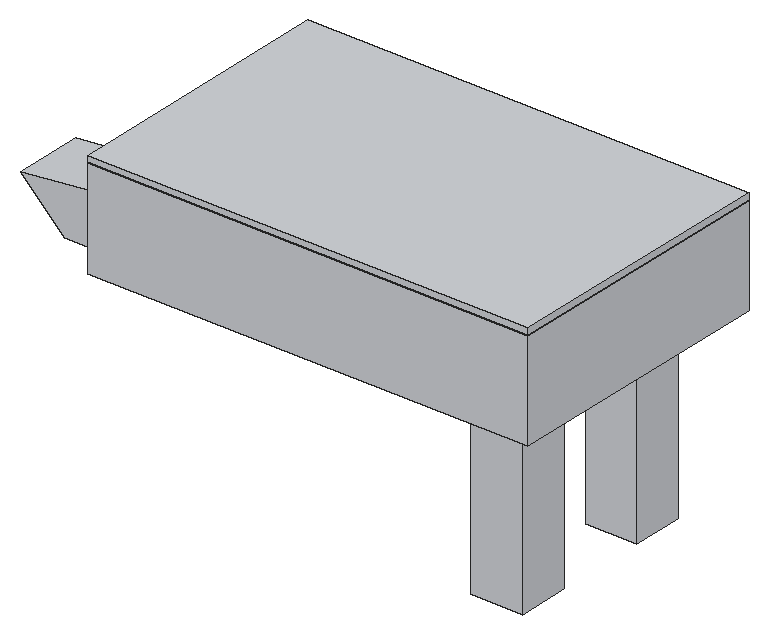
Revit family "AHU 1 _1", category Mechanické zařízení, Revit 2018
Family settings
  Kóta kulaté spojky = Použít průměr
  Typ dílu = Normální
  Číslo OmniClass = 23.75.00.00
  Nadpis OmniClass = Climate Control (HVAC)
  Založené na pracovní rovině = Ne
  Vždy vertikální = Ano
  Ořezat dutým tvarem při načtení = Ne
  Sdílené = Ne
  Bod výpočtu místnosti = Ne
Parameters (values of type "DUPLEXVENT 1500 Multi Eco-N")
  Width [instance] = 1.605 mm
  Weight [instance] = 407.00 kg
  URL = ""
  Type [instance] = "DUPLEXVENT 1500 Multi Eco-N"
  Total_SFP [instance] = 0
  Supply_outlet_hum [instance] = 90
  Supply_inlet_hum [instance] = 90
  Supply_ext_pressure [instance] = 0.0 Pa
  Supply_SFP [instance] = 0
  Source_adu_file [instance] = ""
  Recuperation_type [instance] = "Plate heat recovery exchanger"
  Recuperation_efficiency_EN308 [instance] = 0
  Project_name [instance] = ""
  Project_date [instance] = "9.8.2023"
  Power_supply_fusing [instance] = "0"
  Power_supply_cable [instance] = "0"
  Position [instance] = "AHU 1 "
  Phases_count [instance] = 1
  Panel_thickness [instance] = 0.06 mm
  Outer_surface [instance] = "RAL 9002"
  Length [instance] = 2.56 mm
  Insulation_type [instance] = "PUR"
  Insulation_thickness [instance] = 0.05 mm
  Installation_environment [instance] = ""
  Input_power_max [instance] = 1560 W
  Inner_surface [instance] = "Pozink"
  I2 [instance] = I1  # 0.0 L/s
  Height [instance] = 1.075 mm
  Exhaust_outlet_hum [instance] = 40
  Exhaust_inlet_hum [instance] = 40
  Exhaust_ext_pressure [instance] = 0.0 Pa
  Exhaust_SFP [instance] = 0
  E1 [instance] = E2 - M1  # 0.0 L/s
  E2 [instance] = 0.0 L/s
  I1 [instance] = 0.0 L/s
  Description = ""
  M1 [instance] = 0.0 L/s
  Device_dutypoint_version [instance] = "0"
  Device_design_version [instance] = "10"
  Device_adu_id [instance] = "1"
  Current_max [instance] = 7.8 A
  Casing_mat [instance] = "painted zinc layer"
  Cable type [instance] = ""
Reference planes
  plane 1 "Střed (vpředu/vzadu)": y = 0
  plane 2 "ref": z = 0
  plane 3 "Střed (vlevo/vpravo)": x = 0
Forms (mm)
  Sweep 1, solid
    path origin (0, 0, -575) x (0, 0, 1) y (1, 0, 0)
      loop
        line (0, 0) -> (575, 0)
    profile origin (0, 0, -575) x (1, 0, 0) y (0, 1, 0)
      loop
        line (0, 0) -> (2560, 0) -> (2560, 1605) -> (0, 1605) -> (0, 0)
  Sweep 2, solid
    path origin (0, 0, 0) x (0, 0, 1) y (1, 0, 0)
      loop
        line (0, 0) -> (40, 0)
    profile origin (0, 0, 0) x (1, 0, 0) y (0, 1, 0)
      loop
        line (0, 0) -> (2560, 0) -> (2560, 1605) -> (0, 1605) -> (0, 0)
  Sweep 3, solid
    path origin (-217, 455, -325) x (1, 0, 0) y (0, 1, 0)
      loop
        line (0, 0) -> (0, -400)
    profile origin (-217, 455, -325) x (1, 0, 0) y (0, 0, 1)
      loop
        line (216, 150) -> (-217, 105) -> (43, -150) -> (217, -150) -> (216, 150)
  Sweep 4, solid
    path origin (0, 255, -325) x (0, 1, 0) y (-1, 0, 0)
      loop
        line (0, 0) -> (0, 1)
    profile origin (0, 255, -325) x (0, -1, 0) y (0, 0, 1)
      loop
        line (-200, -150) -> (200, -150) -> (200, 150) -> (-200, 150) -> (-200, -150)
  Sweep 5, solid
    path origin (2282, 1106, -575) x (0, 0, -1) y (1, 0, 0)
      loop
        line (0, 0) -> (975, 0)
    profile origin (2282, 1106, -575) x (0, -1, 0) y (1, 0, 0)
      loop
        line (-150, 150) -> (-150, -150) -> (150, -150) -> (150, 150) -> (-150, 150)
  Sweep 6, solid
    path origin (2282, 273, -575) x (0, 0, -1) y (1, 0, 0)
      loop
        line (0, 0) -> (975, 0)
    profile origin (2282, 273, -575) x (0, -1, 0) y (1, 0, 0)
      loop
        line (-150, 150) -> (-150, -150) -> (150, -150) -> (150, 150) -> (-150, 150)
  Sweep 7, solid
    path origin (220, 1785, -325) x (1, 0, 0) y (0, 1, 0)
      loop
        line (0, 0) -> (400, 0)
    profile origin (220, 1785, -325) x (0, 1, 0) y (0, 0, 1)
      loop
        line (-180, -188) -> (180, -188) -> (180, 7) -> (0, 188) -> (-180, 188) -> (-180, -188)
  Sweep 8, solid
    path origin (0, 0, -512) x (0, 0, 1) y (1, 0, 0)
      loop
        line (0, 0) -> (375, 0)
    profile origin (0, 0, -512) x (1, 0, 0) y (0, 1, 0)
      loop
        line (220, 1605) -> (620, 1605) -> (620, 1606) -> (220, 1606) -> (220, 1605)
  Sweep 9, solid
    path origin (113, 1492, -575) x (0, -1, 0) y (0, 0, 1)
      loop
        line (0, 0) -> (0, -150)
    profile origin (113, 1492, -575) x (-1, 0, 0) y (0, -1, 0)
      loop
        circle (0, 0) r 20
  Sweep 10, solid
    path origin (1321, 1492, -575) x (0, -1, 0) y (0, 0, 1)
      loop
        line (0, 0) -> (0, -150)
    profile origin (1321, 1492, -575) x (-1, 0, 0) y (0, -1, 0)
      loop
        circle (0, 0) r 20
  Sweep 11, solid
    path origin (0, 0, 5) x (0, 0, 1) y (1, 0, 0)
      loop
        line (0, 0) -> (35, 0)
    profile origin (0, 0, 5) x (1, 0, 0) y (0, 1, 0)
      loop
        line (0, 0) -> (2560, 0) -> (2560, 1605) -> (0, 1605) -> (0, 0)
Lines and regions (mm)
  model lines, style "Symbol"
    curve 1: line (1050, 0, 40) -> (1050, 321, 40)
    curve 2: line (1050, 1605, 40) -> (1050, 1284, 40)
    curve 3: line (0, 802, 40) -> (568, 802, 40)
    curve 4: line (2560, 802, 40) -> (1531, 802, 40)
    curve 5: line (568, 802, 40) -> (809, 1284, 40)
    curve 6: line (809, 1284, 40) -> (1290, 1284, 40)
    curve 7: line (1290, 1284, 40) -> (1531, 802, 40)
    curve 8: line (1531, 802, 40) -> (1290, 321, 40)
    curve 9: line (1290, 321, 40) -> (1050, 321, 40)
    curve 10: line (1050, 321, 40) -> (809, 321, 40)
    curve 11: line (809, 321, 40) -> (568, 802, 40)
    curve 12: line (2207, 1318, 40) -> (2464, 1274, 40)
    curve 13: line (2207, 1089, 40) -> (2464, 1133, 40)
    curve 14: line (126, 1091, 40) -> (170, 1348, 40)
    curve 15: line (355, 1091, 40) -> (311, 1348, 40)
    curve 16: line (51, 161, 40) -> (51, 642, 40)
    curve 17: line (51, 642, 40) -> (205, 642, 40)
    curve 18: line (205, 642, 40) -> (205, 161, 40)
    curve 19: line (205, 161, 40) -> (51, 161, 40)
    curve 20: line (128, 161, 40) -> (205, 401, 40)
    curve 21: line (128, 642, 40) -> (205, 401, 40)
    curve 22: line (2509, 642, 40) -> (2509, 161, 40)
    curve 23: line (2509, 161, 40) -> (2355, 161, 40)
    curve 24: line (2355, 161, 40) -> (2355, 642, 40)
    curve 25: line (2355, 642, 40) -> (2509, 642, 40)
    curve 26: line (2432, 642, 40) -> (2355, 401, 40)
    curve 27: line (2432, 161, 40) -> (2355, 401, 40)
    curve 28: line (722, 281, 40) -> (503, 710, 40)
    curve 29: line (503, 710, 40) -> (575, 746, 40)
    curve 30: line (575, 746, 40) -> (793, 317, 40)
    curve 31: line (793, 317, 40) -> (722, 281, 40)
    curve 32: line (591, 556, 40) -> (619, 643, 40)
    curve 33: line (678, 385, 40) -> (706, 471, 40)
    curve 34: line (87, 1492, -575) -> (139, 1492, -575)
    curve 35: line (113, 1466, -575) -> (113, 1518, -575)
    curve 36: line (1295, 1492, -575) -> (1347, 1492, -575)
    curve 37: line (1321, 1466, -575) -> (1321, 1518, -575)
    curve 38: line (0, 0, 600) -> (0, 0, 0)
    curve 39: line (2560, 0, 600) -> (2560, 0, 0)
    curve 40: line (0, 0, 600) -> (2560, 0, 600)
    curve 41: line (0, 1605, 600) -> (0, 1605, 0)
    curve 42: line (2560, 1605, 600) -> (2560, 1605, 0)
    curve 43: line (0, 1605, 600) -> (2560, 1605, 600)
    curve 44: line (0, 0, 600) -> (0, 1605, 600)
    curve 45: line (2560, 0, 600) -> (2560, 1605, 600)
    curve 46: line (0, 1405, 600) -> (200, 1605, 600)
    curve 47: line (0, 1205, 600) -> (400, 1605, 600)
    curve 48: line (0, 1005, 600) -> (600, 1605, 600)
    curve 49: line (0, 805, 600) -> (800, 1605, 600)
    curve 50: line (0, 605, 600) -> (1000, 1605, 600)
    curve 51: line (0, 405, 600) -> (1200, 1605, 600)
    curve 52: line (0, 205, 600) -> (1400, 1605, 600)
    curve 53: line (0, 5, 600) -> (1600, 1605, 600)
    curve 54: line (195, 0, 600) -> (1800, 1605, 600)
    curve 55: line (395, 0, 600) -> (2000, 1605, 600)
    curve 56: line (595, 0, 600) -> (2200, 1605, 600)
    curve 57: line (795, 0, 600) -> (2400, 1605, 600)
    curve 58: line (995, 0, 600) -> (2560, 1565, 600)
    curve 59: line (1195, 0, 600) -> (2560, 1365, 600)
    curve 60: line (1395, 0, 600) -> (2560, 1165, 600)
    curve 61: line (1595, 0, 600) -> (2560, 965, 600)
    curve 62: line (1795, 0, 600) -> (2560, 765, 600)
    curve 63: line (1995, 0, 600) -> (2560, 565, 600)
    curve 64: line (2195, 0, 600) -> (2560, 365, 600)
    curve 65: line (2395, 0, 600) -> (2560, 165, 600)
    curve 66: line (2560, 1405, 600) -> (2560, 1605, 400)
    curve 67: line (2560, 1205, 600) -> (2560, 1605, 200)
    curve 68: line (2560, 1005, 600) -> (2560, 1605, 0)
    curve 69: line (2560, 805, 600) -> (2560, 1405, 0)
    curve 70: line (2560, 605, 600) -> (2560, 1205, 0)
    curve 71: line (2560, 405, 600) -> (2560, 1005, 0)
    curve 72: line (2560, 205, 600) -> (2560, 805, 0)
    curve 73: line (2560, 5, 600) -> (2560, 605, 0)
    curve 74: line (2560, 0, 405) -> (2560, 405, 0)
    curve 75: line (2560, 0, 205) -> (2560, 205, 0)
    curve 76: line (2560, 0, 5) -> (2560, 5, 0)
    curve 77: line (0, 1605, 400) -> (200, 1605, 600)
    curve 78: line (0, 1605, 200) -> (400, 1605, 600)
    curve 79: line (0, 1605, 0) -> (600, 1605, 600)
    curve 80: line (200, 1605, 0) -> (800, 1605, 600)
    curve 81: line (400, 1605, 0) -> (1000, 1605, 600)
    curve 82: line (600, 1605, 0) -> (1200, 1605, 600)
    curve 83: line (800, 1605, 0) -> (1400, 1605, 600)
    curve 84: line (1000, 1605, 0) -> (1600, 1605, 600)
    curve 85: line (1200, 1605, 0) -> (1800, 1605, 600)
    curve 86: line (1400, 1605, 0) -> (2000, 1605, 600)
    curve 87: line (1600, 1605, 0) -> (2200, 1605, 600)
    curve 88: line (1800, 1605, 0) -> (2400, 1605, 600)
    curve 89: line (2000, 1605, 0) -> (2560, 1605, 560)
    curve 90: line (2200, 1605, 0) -> (2560, 1605, 360)
    curve 91: line (2400, 1605, 0) -> (2560, 1605, 160)
    curve 92: line (0, -700, -575) -> (0, 0, -575)
    curve 93: line (2560, -700, -575) -> (2560, 0, -575)
    curve 94: line (0, -700, -575) -> (2560, -700, -575)
    curve 95: line (0, -700, 0) -> (0, 0, 0)
    curve 96: line (2560, -700, 0) -> (2560, 0, 0)
    curve 97: line (0, -700, 0) -> (2560, -700, 0)
    curve 98: line (0, -700, -575) -> (0, -700, 0)
    curve 99: line (2560, -700, -575) -> (2560, -700, 0)
    curve 100: line (0, -700, -200) -> (200, -700, 0)
    curve 101: line (0, -700, -400) -> (400, -700, 0)
    curve 102: line (25, -700, -575) -> (600, -700, 0)
    curve 103: line (225, -700, -575) -> (800, -700, 0)
    curve 104: line (425, -700, -575) -> (1000, -700, 0)
    curve 105: line (625, -700, -575) -> (1200, -700, 0)
    curve 106: line (825, -700, -575) -> (1400, -700, 0)
    curve 107: line (1025, -700, -575) -> (1600, -700, 0)
    curve 108: line (1225, -700, -575) -> (1800, -700, 0)
    curve 109: line (1425, -700, -575) -> (2000, -700, 0)
    curve 110: line (1625, -700, -575) -> (2200, -700, 0)
    curve 111: line (1825, -700, -575) -> (2400, -700, 0)
    curve 112: line (2025, -700, -575) -> (2560, -700, -40)
    curve 113: line (2225, -700, -575) -> (2560, -700, -240)
    curve 114: line (2425, -700, -575) -> (2560, -700, -440)
    curve 115: line (2560, -700, -200) -> (2560, -500, 0)
    curve 116: line (2560, -700, -400) -> (2560, -300, 0)
    curve 117: line (2560, -675, -575) -> (2560, -100, 0)
    curve 118: line (2560, -475, -575) -> (2560, 0, -100)
    curve 119: line (2560, -275, -575) -> (2560, 0, -300)
    curve 120: line (2560, -75, -575) -> (2560, 0, -500)
    curve 121: line (0, -500, 0) -> (200, -700, 0)
    curve 122: line (0, -300, 0) -> (400, -700, 0)
    curve 123: line (0, -100, 0) -> (600, -700, 0)
    curve 124: line (100, 0, 0) -> (800, -700, 0)
    curve 125: line (300, 0, 0) -> (1000, -700, 0)
    curve 126: line (500, 0, 0) -> (1200, -700, 0)
    curve 127: line (700, 0, 0) -> (1400, -700, 0)
    curve 128: line (900, 0, 0) -> (1600, -700, 0)
    curve 129: line (1100, 0, 0) -> (1800, -700, 0)
    curve 130: line (1300, 0, 0) -> (2000, -700, 0)
    curve 131: line (1500, 0, 0) -> (2200, -700, 0)
    curve 132: line (1700, 0, 0) -> (2400, -700, 0)
    curve 133: line (1900, 0, 0) -> (2560, -660, 0)
    curve 134: line (2100, 0, 0) -> (2560, -460, 0)
    curve 135: line (2300, 0, 0) -> (2560, -260, 0)
    curve 136: line (2500, 0, 0) -> (2560, -60, 0)
    curve 137: line (0, 2305, 0) -> (0, 1605, 0)
    curve 138: line (2560, 2305, 0) -> (2560, 1605, 0)
    curve 139: line (0, 2305, 0) -> (2560, 2305, 0)
    curve 140: line (0, 2305, -575) -> (0, 1605, -575)
    curve 141: line (2560, 2305, -575) -> (2560, 1605, -575)
    curve 142: line (0, 2305, -575) -> (2560, 2305, -575)
    curve 143: line (0, 2305, 0) -> (0, 2305, -575)
    curve 144: line (2560, 2305, 0) -> (2560, 2305, -575)
    curve 145: line (0, 2305, -375) -> (200, 2305, -575)
    curve 146: line (0, 2305, -175) -> (400, 2305, -575)
    curve 147: line (25, 2305, 0) -> (600, 2305, -575)
    curve 148: line (225, 2305, 0) -> (800, 2305, -575)
    curve 149: line (425, 2305, 0) -> (1000, 2305, -575)
    curve 150: line (625, 2305, 0) -> (1200, 2305, -575)
    curve 151: line (825, 2305, 0) -> (1400, 2305, -575)
    curve 152: line (1025, 2305, 0) -> (1600, 2305, -575)
    curve 153: line (1225, 2305, 0) -> (1800, 2305, -575)
    curve 154: line (1425, 2305, 0) -> (2000, 2305, -575)
    curve 155: line (1625, 2305, 0) -> (2200, 2305, -575)
    curve 156: line (1825, 2305, 0) -> (2400, 2305, -575)
    curve 157: line (2025, 2305, 0) -> (2560, 2305, -535)
    curve 158: line (2225, 2305, 0) -> (2560, 2305, -335)
    curve 159: line (2425, 2305, 0) -> (2560, 2305, -135)
    curve 160: line (2560, 2305, -375) -> (2560, 2105, -575)
    curve 161: line (2560, 2305, -175) -> (2560, 1905, -575)
    curve 162: line (2560, 2280, 0) -> (2560, 1705, -575)
    curve 163: line (2560, 2080, 0) -> (2560, 1605, -475)
    curve 164: line (2560, 1880, 0) -> (2560, 1605, -275)
    curve 165: line (2560, 1680, 0) -> (2560, 1605, -75)
    curve 166: line (0, 2105, -575) -> (200, 2305, -575)
    curve 167: line (0, 1905, -575) -> (400, 2305, -575)
    curve 168: line (0, 1705, -575) -> (600, 2305, -575)
    curve 169: line (100, 1605, -575) -> (800, 2305, -575)
    curve 170: line (300, 1605, -575) -> (1000, 2305, -575)
    curve 171: line (500, 1605, -575) -> (1200, 2305, -575)
    curve 172: line (700, 1605, -575) -> (1400, 2305, -575)
    curve 173: line (900, 1605, -575) -> (1600, 2305, -575)
    curve 174: line (1100, 1605, -575) -> (1800, 2305, -575)
    curve 175: line (1300, 1605, -575) -> (2000, 2305, -575)
    curve 176: line (1500, 1605, -575) -> (2200, 2305, -575)
    curve 177: line (1700, 1605, -575) -> (2400, 2305, -575)
    curve 178: line (1900, 1605, -575) -> (2560, 2265, -575)
    curve 179: line (2100, 1605, -575) -> (2560, 2065, -575)
    curve 180: line (2300, 1605, -575) -> (2560, 1865, -575)
    curve 181: line (2500, 1605, -575) -> (2560, 1665, -575)
    curve 182: line (0, 0, 40) -> (0, 1605, 40)
    curve 183: line (0, 1605, 40) -> (1280, 1605, 40)
    curve 184: line (1280, 1605, 40) -> (1280, 0, 40)
    curve 185: line (1280, 0, 40) -> (0, 0, 40)
    curve 186: line (1280, 0, 40) -> (1280, 1605, 40)
    curve 187: line (1280, 1605, 40) -> (2560, 1605, 40)
    curve 188: line (2560, 1605, 40) -> (2560, 0, 40)
    curve 189: line (2560, 0, 40) -> (1280, 0, 40)
    curve 190: line (0, 0, 40) -> (2560, 0, 40)
    curve 191: line (0, 1605, 40) -> (2560, 1605, 40)
    curve 192: line (0, 0, 40) -> (0, 1605, 40)
    curve 193: line (2560, 0, 40) -> (2560, 1605, 40)
    curve 194: line (0, 0, 40) -> (0, 0, 5)
    curve 195: line (2560, 0, 40) -> (2560, 0, 5)
    curve 196: line (0, 1605, 40) -> (0, 1605, 5)
    curve 197: line (2560, 1605, 40) -> (2560, 1605, 5)
    curve 198: line (15, 10, -1075) -> (15, 10, -575)
    curve 199: line (15, 10, -575) -> (2545, 10, -575)
    curve 200: line (2545, 10, -575) -> (2545, 10, -1075)
    curve 201: line (2545, 10, -1075) -> (15, 10, -1075)
    curve 202: line (15, 1595, -1075) -> (15, 1595, -575)
    curve 203: line (15, 1595, -575) -> (2545, 1595, -575)
    curve 204: line (2545, 1595, -575) -> (2545, 1595, -1075)
    curve 205: line (2545, 1595, -1075) -> (15, 1595, -1075)
    curve 206: line (15, 10, -1075) -> (15, 10, -575)
    curve 207: line (15, 10, -575) -> (15, 1595, -575)
    curve 208: line (15, 1595, -575) -> (15, 1595, -1075)
    curve 209: line (15, 1595, -1075) -> (15, 10, -1075)
    curve 210: line (2545, 10, -1075) -> (2545, 10, -575)
    curve 211: line (2545, 10, -575) -> (2545, 1595, -575)
    curve 212: line (2545, 1595, -575) -> (2545, 1595, -1075)
    curve 213: line (2545, 1595, -1075) -> (2545, 10, -1075)
    curve 214: line (1005, 10, -650) -> (1005, 10, -900)
    curve 215: line (1005, 10, -900) -> (1255, 10, -900)
    curve 216: line (1255, 10, -900) -> (1255, 10, -650)
    curve 217: line (1255, 10, -650) -> (1005, 10, -650)
    curve 218: line (1030, 10, -675) -> (1030, 10, -875)
    curve 219: line (1030, 10, -875) -> (1230, 10, -875)
    curve 220: line (1230, 10, -875) -> (1230, 10, -675)
    curve 221: line (1230, 10, -675) -> (1030, 10, -675)
    curve 222: line (1005, 1595, -650) -> (1005, 1595, -900)
    curve 223: line (1005, 1595, -900) -> (1255, 1595, -900)
    curve 224: line (1255, 1595, -900) -> (1255, 1595, -650)
    curve 225: line (1255, 1595, -650) -> (1005, 1595, -650)
    curve 226: line (1030, 1595, -675) -> (1030, 1595, -875)
    curve 227: line (1030, 1595, -875) -> (1230, 1595, -875)
    curve 228: line (1230, 1595, -875) -> (1230, 1595, -675)
    curve 229: line (1230, 1595, -675) -> (1030, 1595, -675)
    curve 230: line (2235, 1595, -650) -> (2235, 1595, -900)
    curve 231: line (2235, 1595, -900) -> (2485, 1595, -900)
    curve 232: line (2485, 1595, -900) -> (2485, 1595, -650)
    curve 233: line (2485, 1595, -650) -> (2235, 1595, -650)
    curve 234: line (2260, 1595, -675) -> (2260, 1595, -875)
    curve 235: line (2260, 1595, -875) -> (2460, 1595, -875)
    curve 236: line (2460, 1595, -875) -> (2460, 1595, -675)
    curve 237: line (2460, 1595, -675) -> (2260, 1595, -675)
    curve 238: line (15, 477, -650) -> (15, 728, -650)
    curve 239: line (15, 728, -650) -> (15, 728, -900)
    curve 240: line (15, 728, -900) -> (15, 477, -900)
    curve 241: line (15, 477, -900) -> (15, 477, -650)
    curve 242: line (15, 502, -675) -> (15, 703, -675)
    curve 243: line (15, 703, -675) -> (15, 703, -875)
    curve 244: line (15, 703, -875) -> (15, 502, -875)
    curve 245: line (15, 502, -875) -> (15, 502, -675)
    curve 246: line (2545, 477, -650) -> (2545, 728, -650)
    curve 247: line (2545, 728, -650) -> (2545, 728, -900)
    curve 248: line (2545, 728, -900) -> (2545, 477, -900)
    curve 249: line (2545, 477, -900) -> (2545, 477, -650)
    curve 250: line (2545, 502, -675) -> (2545, 703, -675)
    curve 251: line (2545, 703, -675) -> (2545, 703, -875)
    curve 252: line (2545, 703, -875) -> (2545, 502, -875)
    curve 253: line (2545, 502, -875) -> (2545, 502, -675)
    curve 254: line (938, 0, -163) -> (938, 0, -412)
    curve 255: line (938, 0, -412) -> (1188, 0, -412)
    curve 256: line (1188, 0, -412) -> (1188, 0, -163)
    curve 257: line (1188, 0, -163) -> (938, 0, -163)
    curve 258: line (963, 0, -188) -> (963, 0, -388)
    curve 259: line (963, 0, -388) -> (1163, 0, -388)
    curve 260: line (1163, 0, -388) -> (1163, 0, -188)
    curve 261: line (1163, 0, -188) -> (963, 0, -188)
    curve 262: line (235, 0, -50) -> (235, 0, -525)
    curve 263: line (235, 0, -525) -> (485, 0, -525)
    curve 264: line (485, 0, -525) -> (485, 0, -50)
    curve 265: line (485, 0, -50) -> (235, 0, -50)
    curve 266: line (260, 0, -75) -> (260, 0, -500)
    curve 267: line (260, 0, -500) -> (460, 0, -500)
    curve 268: line (460, 0, -500) -> (460, 0, -75)
    curve 269: line (460, 0, -75) -> (260, 0, -75)
    curve 270: line (1495, 0, -50) -> (1495, 0, -525)
    curve 271: line (1495, 0, -525) -> (1745, 0, -525)
    curve 272: line (1745, 0, -525) -> (1745, 0, -50)
    curve 273: line (1745, 0, -50) -> (1495, 0, -50)
    curve 274: line (1520, 0, -75) -> (1520, 0, -500)
    curve 275: line (1520, 0, -500) -> (1720, 0, -500)
    curve 276: line (1720, 0, -500) -> (1720, 0, -75)
    curve 277: line (1720, 0, -75) -> (1520, 0, -75)
    curve 278: circle (2319, 1204, 40) r 161 normal (0, 0, 1)
    curve 279: circle (241, 1204, 40) r 161 normal (0, 0, 1)
    curve 280: circle (605, 599, 40) r 12 normal (0, 0, 1)
    curve 281: circle (692, 428, 40) r 12 normal (0, 0, 1)
    curve 282: circle (113, 1492, -575) r 20 normal (0, 0, 1)
    curve 283: circle (1321, 1492, -575) r 20 normal (0, 0, 1)
Dimensions and locks
  aligned and locked: level to plane 2 "ref"
Connectors
  hvac at (-1, 255, -325), driven by "E1"
    settings: on Sweep 4, index 1, duct flow 0.0 L/s, flow factor 0, pres drop 0.0 Pa, loss coef 0, conn angle 0.00°, conn width 10 mm, conn height 10 mm, conn diameter 609.6 mm, duct sys type 1, conn prof type 1, flow config 1, flow direction 1, loss method 0, conn ref index -1, conn util no, is conn primary yes, conn desc ""
  hvac at (2282, 1106, -1550), driven by "E2"
    settings: on Sweep 5, index 2, duct flow 0.0 L/s, flow factor 1, pres drop 0.0 Pa, loss coef 0, conn angle 0.00°, conn width 300 mm, conn height 300 mm, conn diameter 609.6 mm, duct sys type 1, conn prof type 1, flow config 2, flow direction 2, loss method 0, conn ref index -1, conn util no, is conn primary no, conn desc ""
  hvac at (2282, 273, -1550), driven by "I1"
    settings: on Sweep 6, index 3, duct flow 0.0 L/s, flow factor 1, pres drop 0.0 Pa, loss coef 0, conn angle 0.00°, conn width 300 mm, conn height 300 mm, conn diameter 609.6 mm, duct sys type 3, conn prof type 1, flow config 2, flow direction 1, loss method 0, conn ref index -1, conn util no, is conn primary no, conn desc ""
  hvac at (420, 1605.5, -137), driven by "I2"
    settings: on Sweep 8, index 4, duct flow 0.0 L/s, flow factor 0, pres drop 0.0 Pa, loss coef 0, conn angle 0.00°, conn width 10 mm, conn height 10 mm, conn diameter 609.6 mm, duct sys type 3, conn prof type 1, flow config 1, flow direction 2, loss method 0, conn ref index -1, conn util no, is conn primary no, conn desc ""
  piping at (113, 1492, -725), diameter 40
    settings: on Sweep 9, index 5, connector inside diameter 609.6 mm, connector length 0 mm, flow factor 0, pipe flow 0.0 L/s, pressure drop 0.0 Pa, fitting loss kfactor 0, connector angle 0.00°, fixture units 0, engagement length 0 mm, angle of deflection 0.00°, flow configuration 1, flow direction 2, fitting loss method 0, system type 16, joint type 0, gender type 0, connector reference index -1, connector utility 0, adjustable connector no, is connector primary yes, connector description ""
  piping at (1321, 1492, -725), diameter 40
    settings: on Sweep 10, index 6, connector inside diameter 609.6 mm, connector length 0 mm, flow factor 0, pipe flow 0.0 L/s, pressure drop 0.0 Pa, fitting loss kfactor 0, connector angle 0.00°, fixture units 0, engagement length 0 mm, angle of deflection 0.00°, flow configuration 1, flow direction 2, fitting loss method 0, system type 16, joint type 0, gender type 0, connector reference index -1, connector utility 0, adjustable connector no, is connector primary no, connector description ""
